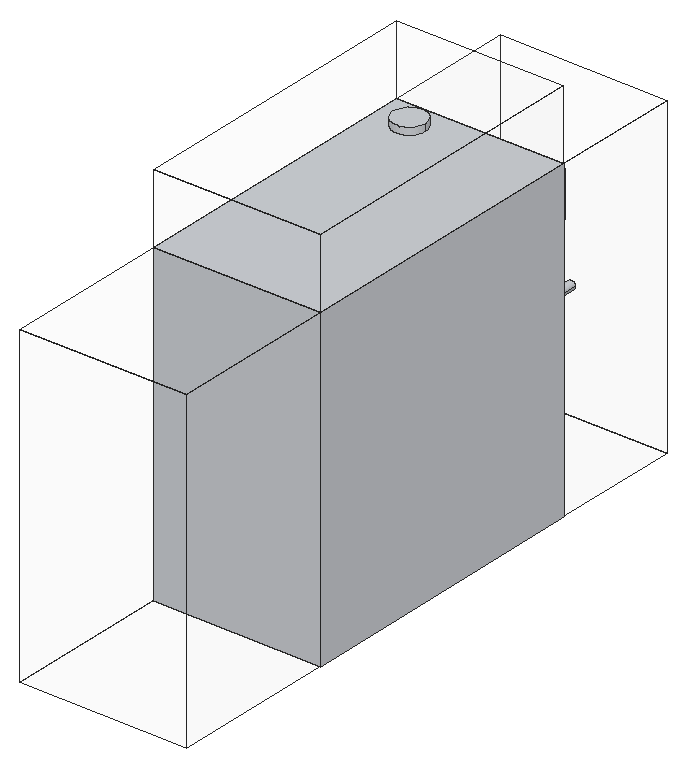
Revit family
Parameters (values of type "SBN1500")
  Water Outlet Radius = 1 1/2"
  Water Inlet Radius = 1"
  WATER OUTLET SIZE = Water Outlet Radius * 2  # 3"
  WATER INLET SIZE = Water Inlet Radius * 2  # 2"
  Vent Radius = 3"
  VENT SIZE = Air Inlet Radius * 2  # 6"
  Top Clearance = 13"
  SES BIM Studio # = "201264901-2"
  Gas Radius = 3/4"
  GAS SIZE = Gas Radius * 2  # 1 1/2"
  Front Clearance = 31"
  Flue Termination Height = 49"
  Back Clearance = 24"
  B_WIDTH = 31"
  Voltage/Heater = "120"
  Voltage/Control = "24"
  URL = "http://www.lochinvar.com/products/Default.aspx?type=ProductLine&lineid=52"
  Total Amps = "5.5"
  Model = "SBN1500"
  Manufacturer = "Lochinvar"
  MODEL NO. = "SBN1500"
  E_Right Offset to Gas = 3 1/2"
  D_Gas Height = 34 3/4"
  GALLON CAPACITY = "11.4"
  F_Flue Offset = 6 3/4"
  C_DEPTH = 56 1/2"
  INPUT RATE (BTUH) = "1,500,000"
  Air Inlet Radius = 3"
  A_HEIGHT = 58 3/4"
  FUEL TYPE = "NATURAL GAS"
  Description = "SYNC Condensing Boiler"
  Fuel Type = "Natural or LP"
  AIR INLET SIZE = Air Inlet Radius * 2  # 6"
  # of Electrical Connections = "1"
Types (4): name | Model | MODEL NO. | E_Right Offset to Gas | D_Gas Height | GALLON CAPACITY | F_Flue Offset | C_DEPTH | INPUT RATE (BTUH)
  (no name) | "SBN1500" | "SBN1500" | 3 1/2" | 34 3/4" | "11.4" | 6 3/4" | 56 1/2" | "1,500,000"
  SBN1000 | "SBN1000" | "SBN1000" | 4 1/2" | 35" | "8.4" | 15" | 48" | "999,999"
  SBN1300 | "SBN1300" | "SBM1300" | 3 1/2" | 34 3/4" | "10.0" | 6 3/4" | 52 1/4" | "1,300,000"
  SBN1500 | "SBN1500" | "SBN1500" | 3 1/2" | 34 3/4" | "11.4" | 6 3/4" | 56 1/2" | "1,500,000"
Reference planes (in)
  plane 1 "Center (Front/Back)": y = 6.125
  plane 2: z = 0
  plane 3 "Center (Left/Right)": x = -1.39218
  plane 4 "Back": y = 34.375
  plane 5 "Front": y = -22.125
  plane 6 "Top": z = 58.75
  plane 7: x = 14.10782
  plane 8: x = -16.89218
  plane 9: x = 0.35782
  plane 10: x = 10.60782
  plane 11: x = -10.64218
  plane 12: y = 29.375
  plane 13 "Offset to Vent": y = 41.125
  plane 14 "Gas Height": z = 34.75
  plane 15 "Water Inlet 2": z = 44.75
  plane 16 "Water Outlet Height": z = 32.75
  plane 17 "Water Inlet 1": z = 20.5
  plane 18 "Drain Height": z = 3.75
  plane 19: x = -12.89218
  plane 20: x = -14.89218
  plane 21: z = 71.75
  plane 22: y = 58.375
  plane 23: y = -53.125
  plane 24: z = 49
Forms (in)
  Extrusion 1, solid
    sketch origin (-38.1296, -180, 3) x (-1, 0, 0) y (0, -1, 0)
      loop
        line (-21.23742, -214.375) -> (-21.23742, -157.875) -> (-52.23742, -157.875) -> (-52.23742, -214.375) -> (-21.23742, -214.375)
    from 55.75 to -3
  Extrusion 2, solid
    sketch origin (-1.22163, 30.125, -32.34398) x (1, 0, 0) y (0, 0, 1)
      loop
        circle (-9.42055, 52.84398) r 1
    from -4.25 to -10.25
  Extrusion 3, solid
    sketch origin (-4.22163, 30.125, -20.09398) x (1, 0, 0) y (0, 0, 1)
      loop
        circle (-10.67055, 52.84398) r 1.5
    from -4.25 to -10.25
  Extrusion 4, solid
    sketch origin (-4.31723, 30.125, -50.61572) x (1, 0, 0) y (0, 0, 1)
      loop
        circle (-8.57495, 54.36572) r 0.375
    from -4.25 to -5.25
  Sweep 5, solid
    path origin (-5.65138, 0.08191, 0) x (0, 1, 0) y (0, 0, 1)
      loop
        line (34.29309, 18.61572) -> (35.04309, 18.61572)
        arc (35.04309, 18.61572) -> (39.28573, 20.37308) -> (41.04309, 24.61572) r 6
        line (41.04309, 24.61572) -> (41.04309, 49)
    profile origin (-5.65138, 34.75, 18.61572) x (0, 0, 1) y (1, 0, 0)
      loop
        circle (0, 6.0092) r 3
  Extrusion 6, solid
    sketch origin (-49.39218, 30.125, 1.925) x (1, 0, 0) y (0, 0, 1)
      loop
        line (62, 54.575) -> (57, 54.575) -> (57, 46.2) -> (62, 46.2) -> (62, 54.575)
    from -4.25 to -6.25
  Extrusion 7, solid
    sketch origin (-49.22163, 30.125, -9.075) x (1, 0, 0) y (0, 0, 1)
      loop
        line (60.57945, 54.575) -> (56.82945, 54.575) -> (56.82945, 46.2) -> (60.57945, 46.2) -> (60.57945, 54.575)
    from -4.25 to -6.25
  Extrusion 8, solid
    sketch origin (20.22183, 26.15573, -17.59398) x (1, 0, 0) y (0, 0, 1)
      loop
        circle (-9.61401, 52.34398) r 0.75
    from -8.21927 to -14.21927
  Extrusion 9, solid
    sketch origin (5.02837, -5, 58) x (-1, 0, 0) y (0, -1, 0)
      loop
        circle (15.67055, -34.375) r 3
    from 0.75 to 2
  Extrusion 10, solid
    sketch origin (-0.90318, 30.125, -8.09398) x (1, 0, 0) y (0, 0, 1)
      loop
        circle (-9.739, 52.84398) r 1
    from -4.25 to -10.25
  Extrusion 11, solid
    sketch origin (0, 34.375, 0) x (1, 0, 0) y (0, 0, 1)
      loop
        circle (0.35782, 39) r 3
    from 0 to -6.75
  Extrusion 12, solid, material "Clearance"
    sketch origin (-15.62351, 24, -0.75) x (1, 0, 0) y (0, 1, 0)
      loop
        line (-1.26867, 34.375) -> (-1.26867, 10.375) -> (29.73133, 10.375) -> (29.73133, 34.375) -> (-1.26867, 34.375)
    from 0.75 to 59.5
  Extrusion 13, solid, material "Clearance"
    sketch origin (-15.12351, -17.25, -0.75) x (1, 0, 0) y (0, 1, 0)
      loop
        line (-1.76867, 51.625) -> (-1.76867, -4.875) -> (29.23133, -4.875) -> (29.23133, 51.625) -> (-1.76867, 51.625)
    from 72.5 to 59.5
  Extrusion 14, solid, material "Clearance"
    sketch origin (0, 0, 58.75) x (-1, 0, 0) y (0, -1, 0)
      loop
        line (16.89218, 22.125) -> (16.89218, 53.125) -> (-14.10782, 53.125) -> (-14.10782, 22.125) -> (16.89218, 22.125)
    from -58.75 to 0
Dimensions and locks (in)
  "A_HEIGHT": plane 6 "Top" to level
  equal spacing: plane 8, plane 3 "Center (Left/Right)", plane 7
  "B_WIDTH": plane 8 to plane 7
  equal spacing: plane 5 "Front", plane 1 "Center (Front/Back)", plane 4 "Back"
  "C_DEPTH": plane 5 "Front" to plane 4 "Back"
  locked: level to plane 17 "Water Inlet 1" at 20.5
  locked: level to plane 16 "Water Outlet Height" at 32.75
  locked: level to plane 15 "Water Inlet 2" at 44.75
  Extrusion 6 sketch curve to plane 7 = 1 1/2"
  Extrusion 7 sketch curve to plane 7 = 2 3/4"
  locked: plane 12 to plane 4 "Back" at 5
  level to Extrusion 11 sketch curve = 39"
  "F_Flue Offset": Extrusion 11 to plane 4 "Back"
  locked: Extrusion 4 to level at 3.75
  locked: Extrusion 1 to Extrusion 4 at 3.625
  locked: Extrusion 13 to Extrusion 13 at 13
  locked: Extrusion 14 sketch curve to plane 5 "Front" at 31
  locked: Extrusion 3 to Extrusion 3 at 6
  locked: Extrusion 10 to Extrusion 10 at 6
  Extrusion 4 to Extrusion 4 = 1"
  locked: Extrusion 2 to Extrusion 2 at 6
  locked: Extrusion 8 to Extrusion 6 at 6
  locked: Extrusion 6 to Extrusion 6 at 2
  "E_Right Offset to Gas": plane 10 to plane 7
  locked: plane 8 to plane 11 at 6.25
  "F_Flue Offset": plane 4 "Back" to plane 13 "Offset to Vent"
  locked: level to plane 18 "Drain Height" at 3.75
  locked: plane 8 to plane 19 at 4
  "D_Gas Height": level to plane 14 "Gas Height"
  locked: Extrusion 12 to plane 20 at 2
  "Top Clearance": plane 6 "Top" to plane 21
  "Front Clearance": plane 23 to plane 5 "Front"
  "Back Clearance": plane 22 to plane 4 "Back"
  locked: plane 8 to plane 9 at 17.25
  "Flue Termination Height": level to plane 24
  "Water Outlet Radius": radius of Extrusion 3 sketch curve
  "Water Inlet Radius": radius of Extrusion 2 sketch curve
  "Water Inlet Radius": radius of Extrusion 10 sketch curve
  "Gas Radius": radius of Extrusion 8 sketch curve
  "Air Inlet Radius": radius of Extrusion 9 sketch curve
  "Vent Radius": radius of Sweep 5 sketch curve
  aligned and locked: plane 5 "Front" to Extrusion 1
  aligned and locked: Extrusion 9 to plane 6 "Top"
  aligned and locked: Extrusion 1 to level
  aligned and locked: Extrusion 13 to plane 8
  aligned and locked: Extrusion 13 to plane 7
  aligned and locked: Extrusion 13 to plane 4 "Back"
  aligned and locked: plane 5 "Front" to Extrusion 13
  aligned and locked: Extrusion 13 to plane 6 "Top"
  aligned and locked: Extrusion 14 sketch curve to Extrusion 1  (x2)
  aligned and locked: plane 7 to Extrusion 14 sketch curve
  aligned and locked: Extrusion 14 to Extrusion 1
  aligned and locked: Extrusion 14 to Extrusion 13
  aligned and locked: Extrusion 12 to Extrusion 1  (x4)
  aligned and locked: plane 4 "Back" to Extrusion 12
  aligned and locked: plane 4 "Back" to Extrusion 3
  aligned and locked: plane 4 "Back" to Extrusion 10
  aligned and locked: plane 4 "Back" to Extrusion 2
  aligned and locked: plane 4 "Back" to Extrusion 6
  aligned and locked: Extrusion 7 to plane 4 "Back"
  aligned and locked: plane 4 "Back" to Extrusion 8
  aligned and locked: Extrusion 6 to Extrusion 7
  aligned and locked: plane 4 "Back" to Extrusion 4
  aligned and locked: plane 10 to Extrusion 8 sketch curve
  aligned and locked: plane 11 to Extrusion 10 sketch curve
  aligned and locked: plane 11 to Extrusion 2 sketch curve
  aligned and locked: plane 9 to Extrusion 11 sketch curve
  aligned and locked: plane 4 "Back" to Sweep 5 sketch curve
  aligned and locked: Extrusion 14 to plane 8
  aligned and locked: Extrusion 12 to plane 8
  aligned and locked: Extrusion 12 to plane 7
  aligned and locked: Extrusion 1 to plane 7
  aligned and locked: Extrusion 14 to plane 7
  aligned and locked: Extrusion 14 to plane 5 "Front"
  aligned and locked: Extrusion 1 to plane 4 "Back"
  aligned and locked: plane 12 to Extrusion 9 sketch curve
  aligned and locked: plane 11 to Extrusion 9 sketch curve
  aligned and locked: plane 13 "Offset to Vent" to Extrusion 11
  aligned and locked: Sweep 5 sketch curve to plane 13 "Offset to Vent"
  aligned and locked: plane 19 to Extrusion 4 sketch curve
  aligned and locked: plane 18 "Drain Height" to Extrusion 4 sketch curve
  aligned and locked: plane 14 "Gas Height" to Extrusion 8 sketch curve
  aligned and locked: plane 17 "Water Inlet 1" to Extrusion 2 sketch curve
  aligned and locked: plane 15 "Water Inlet 2" to Extrusion 10 sketch curve
  aligned and locked: plane 20 to Extrusion 3 sketch curve
  aligned and locked: plane 16 "Water Outlet Height" to Extrusion 3 sketch curve
  aligned and locked: plane 21 to Extrusion 13
  aligned and locked: plane 22 to Extrusion 12
  aligned and locked: Extrusion 14 to plane 23
  aligned and locked: plane 9 to Sweep 5 sketch curve
  aligned and locked: plane 24 to Sweep 5
Automatic sketch dimensions
  Extrusion 1 sketch curve to plane 4 "Back" = 0"
  Extrusion 1 sketch curve to plane 7 = 0"
  plane 5 "Front" to Extrusion 1 sketch curve = 0"
  Extrusion 1 sketch curve to plane 8 = 0"
  Sweep 5 sketch curve to profile plane = 0"
  Extrusion 6 sketch curve to Extrusion 6 sketch curve = 5"
  Extrusion 6 sketch curve to plane 6 "Top" = 10 5/8"
  Extrusion 6 sketch curve to plane 6 "Top" = 2 1/4"
  Extrusion 7 sketch curve to Extrusion 7 sketch curve = 3 3/4"
  Extrusion 7 sketch curve to plane 6 "Top" = 21 5/8"
  Extrusion 7 sketch curve to Extrusion 7 sketch curve = 8 3/8"
  Extrusion 12 sketch curve to plane 4 "Back" = 0"
  Extrusion 12 sketch curve to plane 8 = 0"
  Extrusion 12 sketch curve to plane 7 = 0"
  Extrusion 12 sketch curve to plane 4 "Back" = 24"
  plane 8 to Extrusion 13 sketch curve = 0"
  plane 8 to Extrusion 13 sketch curve = 31"
  Extrusion 13 sketch curve to plane 5 "Front" = 0"
  Extrusion 13 sketch curve to plane 5 "Front" = 56 1/2"
  Sweep 5 sketch curve to Sweep 5 sketch curve = 6"
  level to Sweep 5 sketch curve = 18.61572"
  Sweep 5 sketch curve to plane 6 "Top" = 9 3/4"
  radius of Extrusion 4 sketch curve = 3/8"
  radius of Extrusion 11 sketch curve = 3"
Connectors (in)
  hvac at (-10.64218, 29.375, 60)
    settings: on Extrusion 9, index 28, duct flow 0 CFM, flow factor 0, pres drop 0.00 in-wg, loss coef 0, conn angle 0.00°, conn width 12", conn height 12", conn radius 3", duct sys type 1, conn prof type 0, flow config 0, flow direction 1, loss method 0, conn ref index -1, conn util no, is conn primary yes, conn desc "Air Intake"
  electrical at (10.10782, 36.375, 52.3125)
    settings: on Extrusion 6, index 29, voltage 0 V, apparent load 0 VA, apparent load phase1 0 VA, apparent load phase2 0 VA, apparent load phase3 0 VA, power factor 1, load classification "Other", number of poles 1, system type 30, power factor state 1, is connector primary yes, connector utility no, sub classification motor no, connector description ""
  piping at (-10.64218, 40.375, 44.75)
    settings: on Extrusion 10, index 30, connector radius 1", flow factor 0, pipe flow 0 GPM, pressure drop 0.00 psi, fitting loss kfactor 0, connector angle 0.00°, fixture units 0, flow configuration 0, flow direction 1, fitting loss method 0, system type 20, connector reference index -1, connector utility 0, adjustable connector no, is connector primary yes, fitting loss table "", connector description "Cold Water Inlet"
  piping at (-10.64218, 40.375, 20.5)
    settings: on Extrusion 2, index 31, connector radius 1", flow factor 0, pipe flow 0 GPM, pressure drop 0.00 psi, fitting loss kfactor 0, connector angle 0.00°, fixture units 0, flow configuration 0, flow direction 1, fitting loss method 0, system type 20, connector reference index -1, connector utility 0, adjustable connector no, is connector primary no, fitting loss table "", connector description "Cold Water Inlet"
  piping at (-14.89218, 40.375, 32.75)
    settings: on Extrusion 3, index 32, connector radius 1 1/2", flow factor 0, pipe flow 0 GPM, pressure drop 0.00 psi, fitting loss kfactor 0, connector angle 0.00°, fixture units 0, flow configuration 0, flow direction 2, fitting loss method 0, system type 19, connector reference index -1, connector utility 0, adjustable connector no, is connector primary no, fitting loss table "", connector description "Hot Water Outlet"
  piping at (10.60782, 40.375, 34.75)
    settings: on Extrusion 8, index 35, connector radius 3/4", flow factor 0, pipe flow 0 GPM, pressure drop 0.00 psi, fitting loss kfactor 0, connector angle 0.00°, fixture units 0, flow configuration 0, flow direction 1, fitting loss method 0, system type 22, connector reference index -1, connector utility 0, adjustable connector no, is connector primary no, fitting loss table "", connector description "Gas Inlet"
  hvac at (0.35782, 41.125, 49)
    settings: on Sweep 5, index 36, duct flow 0 CFM, flow factor 0, pres drop 0.00 in-wg, loss coef 0, conn angle 0.00°, conn width 12", conn height 12", conn radius 3", duct sys type 3, conn prof type 0, flow config 0, flow direction 2, loss method 0, conn ref index -1, conn util no, is conn primary no, conn desc "Flue"
  piping at (-12.89218, 35.375, 3.75)
    settings: on Extrusion 4, index 37, connector radius 3/8", flow factor 0, pipe flow 0 GPM, pressure drop 0.00 psi, fitting loss kfactor 0, connector angle 0.00°, fixture units 0, flow configuration 0, flow direction 2, fitting loss method 0, system type 16, connector reference index -1, connector utility 0, adjustable connector no, is connector primary no, fitting loss table "", connector description "Drain"
